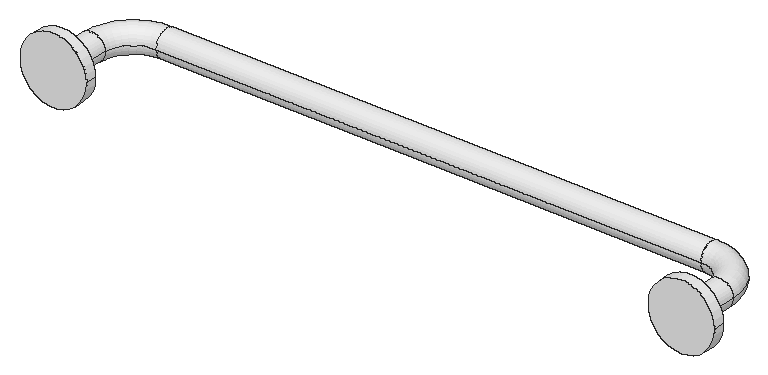
Revit family "Barra_Apoio_U", category Plumbing Fixtures, host Wall, Revit 2025
Family settings
  Host = Wall
  Round Connector Dimension = Use Diameter
  Part Type = Normal
  OmniClass Number = 23.45.00.00
  OmniClass Title = Sanitary, Laundry, and Cleaning Equipment
  Enable Cutting in Views = No
  Always vertical = Yes
  Cut with Voids When Loaded = No
  Maintain Annotation Orientation = No
  Shared = No
  Room Calculation Point = No
Parameters (values of type "BAA_U75")
  Material_Barra = CT_Cromados
  Description = "Descrição do tipo"
  Default Elevation = 0.000 m
  Barra_Deslocamento [instance] = 0.200 m
  Barra_Comprimento = 0.750 m
  Barra_Altura [instance] = 0.750 m
  Barra_Afastamento = 0.107 m
Reference planes (m)
  plane 1: y = 0
  plane 2 "Center (Left/Right)": x = 0.125
  plane 3 "Back": y = 0.05
  plane 4: x = 0.325
  plane 5: y = 0.063
  plane 6: x = 1.075
  plane 7 "Altura": z = 0.75
  plane 8: y = 0.157
Forms (m)
  Extrusion 1, solid, material "CT_Cromados" <- "Material_Barra"
    sketch origin (0.243231, 0.075, 0.450377) x (1, 0, 0) y (0, 0, 1)
      loop
        circle (0.081769, 0.299623) r 0.0395
    from 0.025 to 0.012
  Extrusion 2, solid, material "CT_Cromados" <- "Material_Barra"
    sketch origin (0.906621, 0.075, 0.600377) x (1, 0, 0) y (0, 0, 1)
      loop
        circle (0.168379, 0.149623) r 0.0395
    from 0.025 to 0.012
  Sweep 3, solid, material "CT_Cromados" <- "Material_Barra"
    path origin (0, 0, 0.75) x (0, 1, 0) y (-1, 0, 0)
      loop
        line (0.05, -1.075) -> (0.107, -1.075)
        arc (0.107, -1.075) -> (0.142355, -1.060355) -> (0.157, -1.025) r 0.05
        line (0.157, -1.025) -> (0.157, -0.375)
        arc (0.157, -0.375) -> (0.142355, -0.339645) -> (0.107, -0.325) r 0.05
        line (0.107, -0.325) -> (0.05, -0.325)
    profile origin (1.075, 0.0785, 0.75) x (-1, 0, 0) y (0, 0, 1)
      loop
        circle (0, 0) r 0.016
Cuts and joins
  joined: Extrusion 1, Extrusion 2, Sweep 3
Text (m)
  text "Placement side" at (-1.787139, 0.59235, 0), in view "Ref. Level"
  text "Placement side" at (0, 1.827695, 2.917686), in view "Left"
  text "Placement side" at (0, 0.562268, 3.853606), in view "Right"
Dimensions and locks (m)
  locked: plane 3 "Back" to host wall
  "Barra_Deslocamento": plane 2 "Center (Left/Right)" to plane 4
  locked: plane 5 to plane 3 "Back" at 0.013
  "Barra_Comprimento": plane 4 to plane 6
  "Barra_Altura": plane 7 "Altura" to level
  "Barra_Afastamento": plane 8 to plane 3 "Back"
  radius of Sweep 3 sketch curve = 0.050 m  (x2)
  aligned and locked: plane 1 to host wall
  aligned and locked: plane 5 to Extrusion 1
  aligned and locked: plane 3 "Back" to Extrusion 1
  aligned and locked: plane 7 "Altura" to Extrusion 2 sketch curve
  aligned and locked: plane 7 "Altura" to Extrusion 1 sketch curve
  aligned and locked: plane 7 "Altura" to Extrusion 1
  aligned and locked: Sweep 3 sketch curve to plane 8
  aligned and locked: cut or joined group of Extrusion 1, Extrusion 2, Sweep 3 to host wall
  aligned and locked: cut or joined group of Extrusion 1, Extrusion 2, Sweep 3 to cut or joined group of Extrusion 1, Extrusion 2, Sweep 3  (x2)
Automatic sketch dimensions
  Extrusion 1 sketch curve to plane 4 = 0.000 m
  Extrusion 1 sketch curve to Extrusion 1 sketch curve = 0.0395 m
  Extrusion 2 sketch curve to plane 6 = 0.000 m
  Extrusion 2 sketch curve to plane 6 = 0.0395 m
  plane 3 "Back" to Sweep 3 sketch curve = 0.000 m  (x2)
  Sweep 3 sketch curve to plane 6 = 0.000 m
  Sweep 3 sketch curve to plane 4 = 0.000 m
  Sweep 3 sketch curve to plane 7 "Altura" = 0.000 m
  Sweep 3 sketch curve to profile plane = 0.000 m
  radius of Sweep 3 sketch curve = 0.016 m
